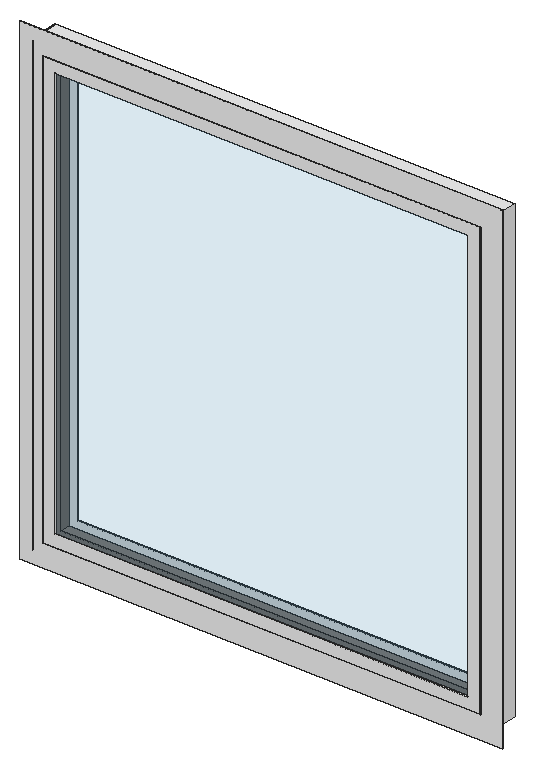
Revit family "Casement_30.5_D_Side_Hung_Custom", category Windows, host Wall, Revit 2014
Parameters (values of type "Casement_Sash_DG")
  Width Sash [instance] = 30 mm
  Width Sash Inner = 15 mm
  Width Bead = 15 mm
  Top Hung [instance] = yes
  Side Hung Right [instance] = yes
  Side Hung Left [instance] = yes
  Sash Opening Width [instance] = 600 mm
  Sash Opening Height [instance] = 600.312 mm
  Sash Lip = 15 mm
  Glazing Material [instance] = Glass
  DG Start Piece 2 [instance] = DG End Piece 1 + DG Gasket Thickness  # 25 mm
  DG Start Peice 1 [instance] = (Depth Sash - (2 * DG Glazing Thickness) - DG Gasket Thickness) / 2  # 6.6 mm
  Glazing Offset = 5 mm
  DG Glazing Thickness [instance] = 6.4 mm
  DG Gasket Thickness = 12 mm  # constant formula
  DG Gasket Material [instance] = Double Glazing Gasket Material
  DG End Piece 2 [instance] = DG Start Piece 2 + DG Glazing Thickness  # 31.4 mm
  DG End Piece 1 [instance] = DG Start Peice 1 + DG Glazing Thickness  # 13 mm
  Depth Sash [instance] = 38 mm
  Center Vertical Sash [instance] = Sash Opening Height / 2  # 300.156 mm
  Center Horizontal Sash [instance] = Sash Opening Width / 2  # 300 mm
  Bottom Hung [instance] = yes
  Bead Offset = 15 mm
  Aluminium Thickness = 1 mm
  Aluminium Material [instance] = White Powder Coated Aluminium
Reference planes
  plane 1 "Center (Front/Back)": y = 0
  plane 2: z = 0
  plane 3 "Center (Left/Right)": x = 0
Forms (mm)
  Sweep 1, solid, material "White Powder Coated Aluminium" <- "Aluminium Material"
    path origin (16.177, 0, 121.331) x (1, 0, 0) y (0, 0, 1)
      loop
        line (0, 0) -> (600, 0) -> (600, 600.312) -> (0, 600.312) -> (0, 0)
    profile origin (316.177, 0, 121.331) x (0, 0, 1) y (0, -1, 0)
      loop
        line (0, 0) -> (30, 0) -> (30, 1) -> (15, 1) -> (15, 38) -> (-15, 38) -> (-15, 37) -> (0, 37) -> (0, 0)
      loop
        line (14, 1) -> (14, 37) -> (1, 37) -> (1, 1) -> (14, 1)
  Sweep 2, solid, material "White Powder Coated Aluminium" <- "Aluminium Material"
    path origin (0, 0, 0) x (1, 0, 0) y (0, 0, 1)
      loop
        line (31.177, 706.643) -> (31.177, 136.331) -> (601.177, 136.331) -> (601.177, 706.643) -> (31.177, 706.643)
    profile origin (316.177, 0, 706.643) x (0, 0, 1) y (0, -1, 0)
      loop
        line (0, 37) -> (0, 38) -> (-15, 38) -> (-15, 37) -> (0, 37)
  Extrusion 3, solid, material "Glass" <- "Glazing Material"
    sketch origin (0, 0, 0) x (1, 0, 0) y (0, 0, 1)
      loop
        line (36.177, 701.643) -> (36.177, 141.331) -> (596.177, 141.331) -> (596.177, 701.643) -> (36.177, 701.643)
    from 6.6 <- "DG Start Peice 1" to 13 <- "DG End Piece 1"
  Extrusion 4, solid, material "Glass" <- "Glazing Material"
    sketch origin (0, 0, 0) x (1, 0, 0) y (0, 0, 1)
      loop
        line (36.177, 701.643) -> (36.177, 141.331) -> (596.177, 141.331) -> (596.177, 701.643) -> (36.177, 701.643)
    from 31.4 <- "DG End Piece 2" to 25 <- "DG Start Piece 2"
  Sweep 5, solid, material "Double Glazing Gasket Material" <- "DG Gasket Material"
    path origin (0, -13, 0) x (1, 0, 0) y (0, 0, 1)
      loop
        line (36.177, 701.643) -> (36.177, 141.331) -> (596.177, 141.331) -> (596.177, 701.643) -> (36.177, 701.643)
    profile origin (316.177, -13, 701.643) x (0, 0, 1) y (0, -1, 0)
      loop
        line (0, 0) -> (0, 12) -> (-7.96, 12) -> (-7.96, 0) -> (0, 0)
Lines and regions (mm)
  model lines
    curve 1: line (1.177, -38, 736.643) -> (31.177, -38, 706.643)
    curve 2: line (601.177, -38, 706.643) -> (631.177, -38, 736.643)
    curve 3: line (601.177, -38, 136.331) -> (631.177, -38, 106.331)
    curve 4: line (1.177, -38, 106.331) -> (31.177, -38, 136.331)
    curve 5: line (631.177, -37, 736.643) -> (616.177, -37, 721.643)
    curve 6: line (1.177, -37, 736.643) -> (16.177, -37, 721.643)
    curve 7: line (1.177, -37, 106.331) -> (16.177, -37, 121.331)
    curve 8: line (631.177, -37, 106.331) -> (616.177, -37, 121.331)
    curve 9: line (616.177, 0, 121.331) -> (586.177, 0, 151.331)
    curve 10: line (46.177, 0, 151.331) -> (16.177, 0, 121.331)
    curve 11: line (616.177, 0, 721.643) -> (586.177, 0, 691.643)
    curve 12: line (46.177, 0, 691.643) -> (16.177, 0, 721.643)
    curve 13: line (31.177, -38, 691.643) -> (46.177, -38, 691.643)
    curve 14: line (586.177, -38, 691.643) -> (601.177, -38, 691.643)
    curve 15: line (586.177, -38, 151.331) -> (601.177, -38, 151.331)
    curve 16: line (31.177, -38, 151.331) -> (46.177, -38, 151.331)
  model lines, style "GenericModelHiddenLines", visible <- "Top Hung"
    curve 17: line (46.386, -31.4, 690.914) -> (316.177, -31.4, 151.331)
    curve 18: line (316.177, -31.4, 151.331) -> (586.177, -31.4, 691.331)
  model lines, style "GenericModelHiddenLines", visible <- "Bottom Hung"
    curve 19: line (46.177, -31.4, 151.331) -> (316.177, -31.4, 691.331)
    curve 20: line (316.177, -31.4, 691.331) -> (586.177, -31.4, 151.331)
  model lines, style "GenericModelHiddenLines", visible <- "Side Hung Left"
    curve 21: line (46.386, -31.4, 690.914) -> (585.24, -31.4, 421.487)
    curve 22: line (585.24, -31.4, 421.487) -> (46.177, -31.4, 151.331)
  model lines, style "GenericModelHiddenLines", visible <- "Side Hung Right"
    curve 23: line (586.177, -31.4, 691.331) -> (46.177, -31.4, 421.487)
    curve 24: line (46.177, -31.4, 421.487) -> (586.177, -31.4, 151.331)
Dimensions and locks
  "Aluminium Thickness": Sweep 1 sketch curve to Sweep 1 sketch curve  (x4)
  "Depth Sash": Sweep 1 sketch curve to Sweep 1 sketch curve
  "Sash Opening Width": Sweep 1 to Sweep 1
  "Sash Opening Height": Sweep 1 to Sweep 1
  "Width Sash": Sweep 1 sketch curve to Sweep 1 sketch curve  (x2)
  "Width Sash Inner": Sweep 1 sketch curve to Sweep 1 sketch curve
  "Sash Lip": Sweep 1 sketch curve to Sweep 1 sketch curve
  "Aluminium Thickness": Sweep 1 to Sweep 2 sketch curve
  "Glazing Offset": Sweep 2 to Extrusion 3 sketch curve  (x3)
  "Glazing Offset": Extrusion 3 sketch curve to Sweep 2
  Sweep 1 to Sweep 1 = 1 mm
  "Aluminium Thickness": Sweep 2 sketch curve to Sweep 2 sketch curve
  "Width Bead": Sweep 2 sketch curve to Sweep 2 sketch curve
  locked: Sweep 5 sketch curve to Sweep 5 sketch curve at 7.96
  "Center Horizontal Sash": Sweep 1 to curve 18
  "Center Horizontal Sash": Sweep 1 to curve 20
  "Center Vertical Sash": Sweep 1 to curve 22
  "Center Vertical Sash": Sweep 1 to curve 24
  aligned and locked: level to plane 2
  aligned and locked: Sweep 1 sketch curve to Sweep 1 sketch curve  (x2)
  aligned and locked: Sweep 2 sketch curve to Sweep 1  (x5)
  aligned and locked: Extrusion 4 sketch curve to Extrusion 3  (x4)
  aligned and locked: Sweep 5 sketch curve to Extrusion 3  (x5)
  aligned and locked: Extrusion 3 to Sweep 5 sketch curve
Automatic sketch dimensions
  plane 3 "Center (Left/Right)" to Sweep 1 sketch curve = 16.177 mm
  level to Sweep 1 sketch curve = 121.331 mm
  plane 3 "Center (Left/Right)" to Sweep 1 sketch curve = 616.177 mm
  level to Sweep 1 sketch curve = 721.643 mm
  profile plane to Sweep 5 sketch curve = 12 mm
  curve 7 to Sweep 1 = 0 mm  (x4)
  curve 6 to Sweep 1 = 0 mm  (x3)
  Sweep 1 to curve 6 = 0 mm
  curve 5 to Sweep 1 = 0 mm  (x3)
  curve 8 to Sweep 1 = 0 mm  (x4)
  Sweep 1 to curve 5 = 0 mm
  curve 16 to Sweep 2 = 0 mm  (x3)
  curve 13 to Sweep 2 = 0 mm  (x3)
  curve 15 to Sweep 2 = 0 mm
  Sweep 2 to curve 15 = 0 mm  (x2)
  curve 14 to Sweep 2 = 0 mm  (x2)
  Sweep 2 to curve 14 = 0 mm
  curve 1 to Sweep 1 = 0 mm  (x4)
  curve 4 to Sweep 1 = 0 mm  (x3)
  Sweep 1 to curve 4 = 0 mm
  curve 3 to Sweep 1 = 0 mm  (x3)
  curve 2 to Sweep 1 = 0 mm  (x4)
  Sweep 1 to curve 3 = 0 mm
  curve 10 to Sweep 1 = 0 mm  (x4)
  curve 12 to Sweep 1 = 0 mm  (x3)
  Sweep 1 to curve 12 = 0 mm
  curve 9 to Sweep 1 = 0 mm  (x4)
  curve 11 to Sweep 1 = 0 mm  (x3)
  Sweep 1 to curve 11 = 0 mm
  Sweep 1 sketch curve to plane 1 "Center (Front/Back)" = 0 mm
  profile plane to Sweep 1 sketch curve = 0 mm
  curve 21 to Extrusion 4 = 10.208 mm
  curve 19 to Extrusion 4 = 10 mm
  curve 23 to Extrusion 4 = 10 mm  (x2)
  curve 22 to Extrusion 4 = 10.937 mm
  curve 20 to Extrusion 4 = 10 mm
  curve 24 to Extrusion 4 = 10 mm
  curve 22 to Extrusion 4 = 10 mm
  curve 18 to Extrusion 4 = 10 mm
  curve 21 to Extrusion 4 = 10.729 mm
  curve 19 to Extrusion 4 = 10.312 mm
  curve 18 to Extrusion 4 = 10.312 mm
